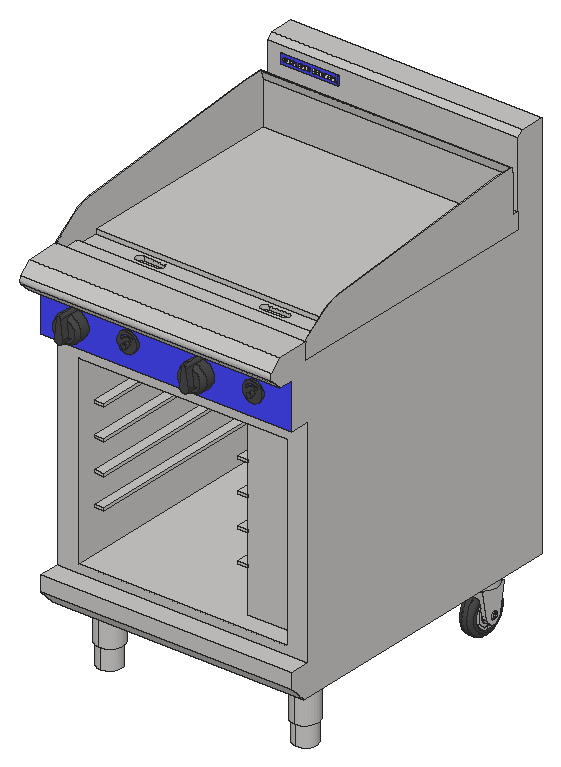
Revit family "QF_MOFFAT_BLUESEAL_CE_G514B-CB", category Specialty Equipment, Revit 2012
Parameters
  Weight in Pounds = 173  # constant formula
  Width [instance] = 600.00 mm  # constant formula
  URL Cutsheet = "www.moffat.com"
  URL = "www.moffat.com"
  Type Mark [instance] = ""
  Status [instance] = ""
  Specification by User [instance] = ""
  Specification by Manufacturer = ""
  Show Logo [instance] = yes
  Show Casters [instance] = yes
  Serial Number = ""
  Seismic Rating = ""
  SMACNA No = ""
  Revision Code [instance] = ""
  Omniclass Number and Title = ""
  NAFEM Spec ID Number = ""
  Model = "G514B-CB"
  Mechanical Remarks = ""
  Mechanical Connection Type = ""
  Masterspec = ""
  Manufacturer = "MOFFAT BLUESEAL"
  Legs [instance] = not(Show Casters)  # no
  Item Number [instance] = ""
  Installed By [instance] = ""
  Identify Quantity as Lot [instance] = yes
  Height = 1085.00 mm  # constant formula
  Gas Size = 3/4"
  Gas RI Height = 0.00 mm
  Gas KW = 11
  Gas Input = 37912.0 Btu/h
  Gas Connection Height = 0.00 mm
  Furnished By [instance] = ""
  Foodservice Equipment Identifier [instance] = yes
  Description = "600MM GAS GRIDDLE PLATE ON CABINET BASE"
  Depth [instance] = 812.00 mm  # constant formula
  CSI MasterFormat = ""
  CSI Master Format = ""
  Back Splash [instance] = 215.00 mm  # constant formula
Reference planes
  plane 1 "BACK": y = 0
  plane 2: z = 0
  plane 3 "LEFT": x = 0
  plane 4 "RIGHT": x = 600
  plane 5 "FRONT": y = -812
  plane 6 "TOP": z = 970
  plane 7 "Center Y": x = 300
  plane 8 "Center X": y = -406
  plane 9 "Base Height": z = 150
  plane 10: z = 915
  plane 11: x = 65
  plane 12: x = 534
  plane 13: y = -625
  plane 14: y = -100
  plane 15: x = 470
  plane 16: z = 655
  plane 17: y = -32
  plane 18: z = 1085
Forms (mm)
  Extrusion 1, solid, material "QF_Finishes_Stainless Steel"
    sketch origin (0, 0, 0) x (0, 1, 0) y (0, 0, 1)
      loop
        line (-100, 150) -> (0, 150) -> (0, 1085) -> (-57.5, 1085) -> (-70, 1072.5) -> (-70, 875) -> (-705, 875) -> (-705, 915) -> (-783.97, 915) -> (-808.485, 890.485)
        arc (-808.485, 890.485) -> (-811.999, 882) -> (-808.485, 873.515) r 12
        line (-808.485, 873.515) -> (-784.97, 850) -> (-749, 850) -> (-749, 740) -> (-100, 740) -> (-100, 150)
      loop
        line (-749, 186) -> (-713, 150) -> (-699, 150) -> (-699, 222.5) -> (-749, 222.5) -> (-749, 186)
    from 0 to 600
  Revolve 2, solid, material "QF_Finishes_Stainless Steel", visible <- "Legs"
    sketch origin (534, -210, 0) x (0, 1, 0) y (0, 0, -1)
      loop
        line (78.25, -150) -> (110, -150) -> (110, 0) -> (82.5, 0) -> (82.5, -50) -> (78.25, -50) -> (78.25, -150)
      axis (110, -150) -> (110, 0)
    angle from 0 to 360
  Revolve 3, solid, material "QF_Finishes_Stainless Steel"
    sketch origin (534, -735, 0) x (0, 1, 0) y (0, 0, -1)
      loop
        line (78.25, -150) -> (110, -150) -> (110, 0) -> (82.5, 0) -> (82.5, -50) -> (78.25, -50) -> (78.25, -150)
      axis (110, -150) -> (110, 0)
    angle from 0 to 360
  Revolve 4, solid, material "QF_Finishes_Stainless Steel", visible <- "Legs"
    sketch origin (65, -210, 0) x (0, 1, 0) y (0, 0, -1)
      loop
        line (78.25, -150) -> (110, -150) -> (110, 0) -> (82.5, 0) -> (82.5, -50) -> (78.25, -50) -> (78.25, -150)
      axis (110, -150) -> (110, 0)
    angle from 0 to 360
  Revolve 5, solid, material "QF_Finishes_Stainless Steel"
    sketch origin (65, -735, 0) x (0, 1, 0) y (0, 0, -1)
      loop
        line (78.25, -150) -> (110, -150) -> (110, 0) -> (82.5, 0) -> (82.5, -50) -> (78.25, -50) -> (78.25, -150)
      axis (110, -150) -> (110, 0)
    angle from 0 to 360
  Revolve 6, solid, material "QF_Finishes_Black"
    sketch origin (89.876, 7, 600.062) x (0, 1, 0) y (0, 0, -1)
      loop
        line (-789, -229.5) -> (-766, -229.5) -> (-766, -202) -> (-756, -202) -> (-756, -197) -> (-800, -197) -> (-800, -223.651) -> (-789, -229.5)
      axis (-800, -197) -> (-756, -197)
    angle from 0 to 360
  Extrusion 7, solid, material "QF_Finishes_Black"
    sketch origin (228.145, 0, 600.219) x (-1, 0, 0) y (0, 0, -1)
      loop
        line (143.2, -228.94) -> (148.689, -184.854)
        arc (148.689, -184.854) -> (137.617, -174.355) -> (127.782, -186.021) r 10.487
        line (127.782, -186.021) -> (133.203, -228.94)
        arc (133.203, -228.94) -> (138.201, -233.827) -> (143.2, -228.94) r 5
    from 759 to 808
  Extrusion 8, solid, material "QF_Finishes_Stainless Steel"
    sketch origin (0, -699, 685) x (1, 0, 0) y (0, -1, 0)
      loop
        circle (470, -667) r 13.5
    from -55 to 30
  Extrusion 9, solid, material "QF_Finishes_Stainless Steel"
    sketch origin (0, -100, 685) x (0, 0, 1) y (-1, 0, 0)
      loop
        line (-535, 0) -> (-535, -600) -> (55, -600) -> (55, 0) -> (-535, 0)
      loop
        line (0, -50) -> (-442.5, -50) -> (-442.5, -550) -> (0, -550) -> (0, -50)
    from 0 to 599
  Extrusion 10, solid, material "QF_Finishes_Stainless Steel"
    sketch origin (0, -100, 685) x (0, 0, 1) y (-1, 0, 0)
      loop
        line (-266.25, -50) -> (-266.25, -75) -> (-259.9, -75) -> (-259.9, -50) -> (-266.25, -50)
      loop
        line (-184.9, -75) -> (-184.9, -50) -> (-191.25, -50) -> (-191.25, -75) -> (-184.9, -75)
      loop
        line (-341.25, -50) -> (-341.25, -75) -> (-334.9, -75) -> (-334.9, -50) -> (-341.25, -50)
      loop
        line (-109.9, -75) -> (-109.9, -50) -> (-116.25, -50) -> (-116.25, -75) -> (-109.9, -75)
      loop
        line (-266.25, -419.5) -> (-259.9, -419.5) -> (-259.9, -394.5) -> (-266.25, -394.5) -> (-266.25, -419.5)
      loop
        line (-184.9, -394.5) -> (-191.25, -394.5) -> (-191.25, -419.5) -> (-184.9, -419.5) -> (-184.9, -394.5)
      loop
        line (-341.25, -419.5) -> (-334.9, -419.5) -> (-334.9, -394.5) -> (-341.25, -394.5) -> (-341.25, -419.5)
      loop
        line (-109.9, -394.5) -> (-116.25, -394.5) -> (-116.25, -419.5) -> (-109.9, -419.5) -> (-109.9, -394.5)
    from 0 to 554
  Extrusion 11, solid, material "QF_Finishes_Stainless Steel"
    sketch origin (0, -100, 685) x (0, 0, 1) y (-1, 0, 0)
      loop
        line (0, -550) -> (0, -419.5) -> (-442.5, -419.5) -> (-442.5, -550) -> (0, -550)
    from 546.898 to 554
  Extrusion 12, void
    sketch origin (0, 0, 150) x (-1, 0, 0) y (0, -1, 0)
      loop
        line (-535.614, 87.26) -> (-535.614, -30.24) -> (-406.114, -30.24) -> (-406.114, 38.76) -> (-454.614, 87.26) -> (-535.614, 87.26)
    from 72.5 to 590
  Revolve 13, solid, material "QF_Finishes_Black"
    sketch origin (390, 7, 600) x (0, 1, 0) y (0, 0, -1)
      loop
        line (-789, -229.5) -> (-766, -229.5) -> (-766, -202) -> (-756, -202) -> (-756, -197) -> (-800, -197) -> (-800, -223.651) -> (-789, -229.5)
      axis (-800, -197) -> (-756, -197)
    angle from 0 to 360
  Extrusion 14, solid, material "QF_Finishes_Black"
    sketch origin (528.27, 0, 600.158) x (-1, 0, 0) y (0, 0, -1)
      loop
        line (143.2, -228.94) -> (148.689, -184.854)
        arc (148.689, -184.854) -> (137.617, -174.355) -> (127.782, -186.021) r 10.487
        line (127.782, -186.021) -> (133.203, -228.94)
        arc (133.203, -228.94) -> (138.201, -233.827) -> (143.2, -228.94) r 5
    from 759 to 808
  Extrusion 15, solid, material "QF_Finishes_Black"
    sketch origin (0, -749, 850) x (0, 0, -1) y (1, 0, 0)
      loop
        circle (53, 210) r 23.9
      loop
        arc (45.641, 218.419) -> (46.501, 223.219) -> (41.701, 224.079) r 3.448
        arc (41.701, 224.079) -> (35.116, 209.341) -> (42.919, 195.209) r 18.095
        arc (42.919, 195.209) -> (47.641, 196.491) -> (46.326, 201.204) r 3.448
        arc (46.326, 201.204) -> (42.758, 209.683) -> (45.641, 218.419) r 13.109
      loop
        circle (53, 510) r 23.9
      loop
        arc (45.641, 518.419) -> (46.501, 523.219) -> (41.701, 524.079) r 3.448
        arc (41.701, 524.079) -> (35.116, 509.341) -> (42.919, 495.209) r 18.095
        arc (42.919, 495.209) -> (47.641, 496.491) -> (46.326, 501.204) r 3.448
        arc (46.326, 501.204) -> (42.758, 509.683) -> (45.641, 518.419) r 13.109
    from 0 to 5
  Revolve 16, solid, material "QF_Finishes_Stainless Steel", visible <- "Legs"
    sketch origin (65, -165, 0) x (0, 1, 0) y (0, 0, 1)
      loop
        line (34.25, 150) -> (34.25, 50) -> (38.5, 50) -> (38.5, 0) -> (66, 0) -> (66, 150) -> (34.25, 150)
      axis (66, 150) -> (66, 0)
    angle from 0 to 360
  Revolve 17, solid, material "QF_Finishes_Stainless Steel", visible <- "Legs"
    sketch origin (535, -165, 0) x (0, 1, 0) y (0, 0, -1)
      loop
        line (34.25, -150) -> (66, -150) -> (66, 0) -> (38.5, 0) -> (38.5, -50) -> (34.25, -50) -> (34.25, -150)
      axis (66, -150) -> (66, 0)
    angle from 0 to 360
  Revolve 18, solid, material "QF_Finishes_Stainless Steel", visible <- "Show Casters"
    sketch origin (15.776, -99.755, -13.653) x (1, 0, 0) y (0, 0, 1)
      loop
        line (14.841, 63.604) -> (83.584, 63.604) -> (83.584, 67.109) -> (82.314, 68.379) -> (80.79, 68.379) -> (80.79, 71.826) -> (68.644, 71.826) -> (68.644, 81.79) -> (65.088, 83.843) -> (63.738, 92.179) -> (65.881, 92.179) -> (65.881, 98.529) -> (65.088, 98.529) -> (65.088, 104.879)
        arc (65.088, 104.879) -> (62.298, 111.614) -> (55.563, 114.404) r 9.525
        line (55.563, 114.404) -> (42.863, 114.404)
        arc (42.863, 114.404) -> (36.127, 111.614) -> (33.338, 104.879) r 9.525
        line (33.338, 104.879) -> (33.338, 98.529) -> (32.544, 98.529) -> (32.544, 92.179) -> (34.687, 92.179) -> (33.352, 83.932) -> (29.782, 81.871) -> (29.782, 71.826) -> (17.635, 71.826) -> (17.635, 68.379) -> (16.111, 68.379) -> (14.841, 67.109) -> (14.841, 63.604)
      axis (14.841, 63.604) -> (83.584, 63.604)
    angle from 0 to 360
  Extrusion 19, solid, material "QF_Finishes_Stainless Steel", visible <- "Show Casters"
    sketch origin (71.501, 133.353, -8.783) x (0, 1, 0) y (0, 0, 1)
      loop
        line (-200.603, 118.783) -> (-264.103, 118.783) -> (-251.746, 53.895)
        arc (-251.746, 53.895) -> (-232.353, 38.783) -> (-212.959, 53.895) r 20
        line (-212.959, 53.895) -> (-200.603, 118.783)
    from -35.667 to 22.923
  Revolve 20, solid, material "QF_Finishes_Stainless Steel", visible <- "Show Casters"
    sketch origin (65, -203, 0) x (0, 1, 0) y (0, 0, 1)
      loop
        line (68.25, 150) -> (68.25, 110) -> (104, 110) -> (104, 150) -> (68.25, 150)
      axis (104, 150) -> (104, 110)
    angle from 0 to 360
  Revolve 21, solid, material "QF_Finishes_Stainless Steel", visible <- "Legs"
    sketch origin (65, -165, 0) x (0, 1, 0) y (0, 0, 1)
      loop
        line (34.25, 150) -> (34.25, 50) -> (38.5, 50) -> (38.5, 0) -> (66, 0) -> (66, 150) -> (34.25, 150)
      axis (66, 150) -> (66, 0)
    angle from 0 to 360
  Revolve 22, solid, material "QF_Finishes_Stainless Steel", visible <- "Show Casters"
    sketch origin (485.776, -99.755, -13.653) x (1, 0, 0) y (0, 0, 1)
      loop
        line (14.841, 63.604) -> (83.584, 63.604) -> (83.584, 67.109) -> (82.314, 68.379) -> (80.79, 68.379) -> (80.79, 71.826) -> (68.644, 71.826) -> (68.644, 81.79) -> (65.088, 83.843) -> (63.738, 92.179) -> (65.881, 92.179) -> (65.881, 98.529) -> (65.088, 98.529) -> (65.088, 104.879)
        arc (65.088, 104.879) -> (62.298, 111.614) -> (55.563, 114.404) r 9.525
        line (55.563, 114.404) -> (42.863, 114.404)
        arc (42.863, 114.404) -> (36.127, 111.614) -> (33.338, 104.879) r 9.525
        line (33.338, 104.879) -> (33.338, 98.529) -> (32.544, 98.529) -> (32.544, 92.179) -> (34.687, 92.179) -> (33.352, 83.932) -> (29.782, 81.871) -> (29.782, 71.826) -> (17.635, 71.826) -> (17.635, 68.379) -> (16.111, 68.379) -> (14.841, 67.109) -> (14.841, 63.604)
      axis (14.841, 63.604) -> (83.584, 63.604)
    angle from 0 to 360
  Extrusion 23, solid, material "QF_Finishes_Stainless Steel", visible <- "Show Casters"
    sketch origin (541.501, 133.353, -8.783) x (0, 1, 0) y (0, 0, 1)
      loop
        line (-200.603, 118.783) -> (-264.103, 118.783) -> (-251.746, 53.895)
        arc (-251.746, 53.895) -> (-232.353, 38.783) -> (-212.959, 53.895) r 20
        line (-212.959, 53.895) -> (-200.603, 118.783)
    from -35.667 to 22.923
  Revolve 24, solid, material "QF_Finishes_Stainless Steel", visible <- "Show Casters"
    sketch origin (535, -203, 0) x (0, 1, 0) y (0, 0, 1)
      loop
        line (68.25, 150) -> (68.25, 110) -> (104, 110) -> (104, 150) -> (68.25, 150)
      axis (104, 150) -> (104, 110)
    angle from 0 to 360
  Extrusion 25, solid, material "QF_Finishes_Black"
    sketch origin (0, -754, 850) x (0, 0, -1) y (1, 0, 0)
      loop
        circle (56.5, 510) r 5.75
      loop
        circle (56.5, 210) r 5.75
    from 0 to 10
Cuts and joins
  Extrusion 12 cuts Extrusion 1
  joined: Extrusion 1, Extrusion 9
Lines and regions (mm)
  Split face 1
    outline origin (600, 0, 1085) x (-1, 0, 0) y (0, -1, 0)
      loop
        arc (335.206, 45.385) -> (326.545, 40.385) -> (326.545, 30.385) r 10
        line (326.545, 30.385) -> (330.587, 23.385)
        arc (330.587, 23.385) -> (334.247, 19.725) -> (339.247, 18.385) r 10
        line (339.247, 18.385) -> (567.206, 18.385)
        arc (567.206, 18.385) -> (575.866, 23.385) -> (575.866, 33.385) r 10
        line (575.866, 33.385) -> (571.824, 40.385)
        arc (571.824, 40.385) -> (568.164, 44.045) -> (563.164, 45.385) r 10
        line (563.164, 45.385) -> (335.206, 45.385)
  Split face 2
    outline origin (600, 0, 1085) x (-1, 0, 0) y (0, -1, 0)
      loop
        arc (35.206, 45.385) -> (26.545, 40.385) -> (26.545, 30.385) r 10
        line (26.545, 30.385) -> (30.587, 23.385)
        arc (30.587, 23.385) -> (34.247, 19.725) -> (39.247, 18.385) r 10
        line (39.247, 18.385) -> (267.206, 18.385)
        arc (267.206, 18.385) -> (275.866, 23.385) -> (275.866, 33.385) r 10
        line (275.866, 33.385) -> (271.824, 40.385)
        arc (271.824, 40.385) -> (268.164, 44.045) -> (263.164, 45.385) r 10
        line (263.164, 45.385) -> (35.206, 45.385)
  symbolic lines
    curve 1: line (0, 0, 0) -> (0, -812, 0)
    curve 2: line (600, 0, 0) -> (0, 0, 0)
    curve 3: line (600, -812, 0) -> (600, 0, 0)
    curve 4: line (0, -812, 0) -> (600, -812, 0)
    curve 13: line (0, -57.5, 150) -> (600, -57.5, 150)
    curve 14: line (0, -70, 150) -> (600, -70, 150)
    curve 15: line (0, -783.97, 150) -> (600, -783.97, 150)
    curve 16: line (32.794, -18.385, 0) -> (260.753, -18.385, 0)
    curve 17: arc (260.753, -18.385, 0) -> (265.753, -19.725, 0) -> (269.413, -23.385, 0) r 10
    curve 18: line (269.413, -23.385, 0) -> (273.455, -30.385, 0)
    curve 19: arc (273.455, -30.385, 0) -> (273.455, -40.385, 0) -> (264.794, -45.385, 0) r 10
    curve 20: line (264.794, -45.385, 0) -> (36.836, -45.385, 0)
    curve 21: arc (36.836, -45.385, 0) -> (31.836, -44.045, 0) -> (28.176, -40.385, 0) r 10
    curve 22: line (28.176, -40.385, 0) -> (24.134, -33.385, 0)
    curve 23: arc (24.134, -33.385, 0) -> (24.134, -23.385, 0) -> (32.794, -18.385, 0) r 10
    curve 24: line (560.753, -18.385, 0) -> (332.794, -18.385, 0)
    curve 25: arc (332.794, -18.385, 0) -> (324.134, -23.385, 0) -> (324.134, -33.385, 0) r 10
    curve 26: line (324.134, -33.385, 0) -> (328.176, -40.385, 0)
    curve 27: arc (328.176, -40.385, 0) -> (331.836, -44.045, 0) -> (336.836, -45.385, 0) r 10
    curve 28: line (336.836, -45.385, 0) -> (564.794, -45.385, 0)
    curve 29: arc (564.794, -45.385, 0) -> (573.455, -40.385, 0) -> (573.455, -30.385, 0) r 10
    curve 30: line (573.455, -30.385, 0) -> (569.413, -23.385, 0)
    curve 31: arc (569.413, -23.385, 0) -> (565.753, -19.725, 0) -> (560.753, -18.385, 0) r 10
  symbolic lines, style "SpecialityEquipmentHiddenLines", visible <- "Show Casters"
    curve 5: line (78.456, -46.735, 0) -> (105.952, -62.61, 0)
    curve 6: line (27.656, -134.723, 0) -> (78.456, -46.735, 0)
    curve 7: line (55.152, -150.598, 0) -> (27.656, -134.723, 0)
    curve 8: line (105.952, -62.61, 0) -> (55.152, -150.598, 0)
    curve 9: line (548.456, -46.735, 0) -> (575.952, -62.61, 0)
    curve 10: line (497.656, -134.723, 0) -> (548.456, -46.735, 0)
    curve 11: line (525.152, -150.598, 0) -> (497.656, -134.723, 0)
    curve 12: line (575.952, -62.61, 0) -> (525.152, -150.598, 0)
Dimensions and locks
  equal spacing: plane 3 "LEFT", plane 7 "Center Y", plane 4 "RIGHT"
  "Width": plane 3 "LEFT" to plane 4 "RIGHT"
  equal spacing: plane 5 "FRONT", plane 8 "Center X", plane 1 "BACK"
  "Depth": plane 5 "FRONT" to plane 1 "BACK"
  locked: plane 10 to level at 915
  locked: plane 9 "Base Height" to level at 150
  plane 6 "TOP" to plane 10 = 55.00 mm
  plane 13 to plane 14 = 525.00 mm
  plane 12 to plane 11 = 469.00 mm
  plane 15 to plane 4 "RIGHT" = 130.00 mm
  plane 16 to level = 655.00 mm
  plane 17 to plane 1 "BACK" = 32.00 mm
  "Height": plane 18 to plane 2
  Revolve 18 sketch curve to Revolve 18 sketch curve = 50.80 mm
  Revolve 22 sketch curve to Revolve 22 sketch curve = 50.80 mm
  Extrusion 8 sketch curve to plane 1 "BACK" = 32.00 mm
  aligned and locked: level to plane 2
Automatic sketch dimensions
  curve 1 to plane 3 "LEFT" = 0.00 mm
  curve 4 to plane 4 "RIGHT" = 0.00 mm
  plane 5 "FRONT" to curve 1 = 0.00 mm
  plane 1 "BACK" to curve 2 = 0.00 mm
  plane 3 "LEFT" to curve 7 = 27.656 mm
  curve 7 to plane 11 = 9.848 mm
  plane 11 to curve 6 = 13.456 mm
  plane 15 to curve 10 = 27.656 mm
  plane 12 to curve 11 = 8.848 mm
  curve 10 to plane 12 = 14.456 mm
  curve 12 to plane 14 = 50.598 mm
  curve 8 to plane 14 = 50.598 mm
  curve 7 to curve 7 = 15.875 mm
  curve 11 to curve 11 = 15.875 mm
  Extrusion 1 sketch curve to plane 10 = 0.00 mm
  Extrusion 1 sketch curve to plane 9 "Base Height" = 0.00 mm  (x2)
  Extrusion 1 sketch curve to plane 14 = 0.00 mm
  Extrusion 1 sketch curve to plane 18 = 0.00 mm
  Extrusion 1 sketch curve to plane 1 "BACK" = 0.00 mm
  Extrusion 1 sketch curve to plane 13 = 74.00 mm
  Extrusion 1 sketch curve to plane 10 = 40.00 mm
  Extrusion 1 sketch curve to plane 13 = 80.00 mm
  Extrusion 1 sketch curve to Extrusion 1 sketch curve = 14.00 mm
  Extrusion 1 sketch curve to Extrusion 1 sketch curve = 36.00 mm
  Extrusion 1 sketch curve to plane 5 "FRONT" = 63.00 mm
  Extrusion 1 sketch curve to plane 5 "FRONT" = 28.03 mm
  Extrusion 1 sketch curve to plane 5 "FRONT" = 27.03 mm
  Extrusion 1 sketch curve to plane 5 "FRONT" = 12.001 mm
  Extrusion 1 sketch curve to plane 5 "FRONT" = 3.515 mm  (x2)
  plane 14 to Extrusion 1 sketch curve = 30.00 mm
  Extrusion 1 sketch curve to Extrusion 1 sketch curve = 12.50 mm
  plane 9 "Base Height" to Extrusion 1 sketch curve = 36.00 mm
  Extrusion 1 sketch curve to Extrusion 1 sketch curve = 36.50 mm
  plane 16 to Extrusion 1 sketch curve = 85.00 mm
  Extrusion 1 sketch curve to Extrusion 1 sketch curve = 25.00 mm
  Extrusion 1 sketch curve to Extrusion 1 sketch curve = 23.515 mm
  Extrusion 1 sketch curve to Extrusion 1 sketch curve = 8.485 mm
  Extrusion 1 sketch curve to plane 18 = 12.50 mm
  Revolve 2 sketch curve to plane 9 "Base Height" = 0.00 mm
  Revolve 2 sketch curve to level = 0.00 mm
  Revolve 2 sketch curve to plane 14 = 0.00 mm  (x2)
  Revolve 2 sketch curve to plane 14 = 27.50 mm
  Revolve 2 sketch curve to plane 14 = 31.75 mm
  level to Revolve 2 sketch curve = 50.00 mm
  Revolve 2 sketch curve to Revolve 2 sketch curve = 0.00 mm
  Revolve 2 sketch curve to Revolve 2 sketch curve = 55.00 mm
  Revolve 3 sketch curve to plane 9 "Base Height" = 0.00 mm
  Revolve 3 sketch curve to level = 0.00 mm
  Revolve 3 sketch curve to plane 13 = 0.00 mm  (x2)
  Revolve 3 sketch curve to plane 13 = 27.50 mm
  Revolve 3 sketch curve to plane 13 = 31.75 mm
  level to Revolve 3 sketch curve = 50.00 mm
  Revolve 3 sketch curve to Revolve 3 sketch curve = 0.00 mm
  Revolve 3 sketch curve to Revolve 3 sketch curve = 55.00 mm
  Revolve 4 sketch curve to plane 9 "Base Height" = 0.00 mm
  Revolve 4 sketch curve to level = 0.00 mm
  Revolve 4 sketch curve to plane 14 = 0.00 mm  (x2)
  Revolve 4 sketch curve to plane 14 = 27.50 mm
  Revolve 4 sketch curve to plane 14 = 31.75 mm
  level to Revolve 4 sketch curve = 50.00 mm
  Revolve 4 sketch curve to Revolve 4 sketch curve = 0.00 mm
  Revolve 4 sketch curve to Revolve 4 sketch curve = 55.00 mm
  Revolve 5 sketch curve to plane 9 "Base Height" = 0.00 mm
  Revolve 5 sketch curve to level = 0.00 mm
  Revolve 5 sketch curve to plane 13 = 0.00 mm  (x2)
  Revolve 5 sketch curve to plane 13 = 27.50 mm
  Revolve 5 sketch curve to plane 13 = 31.75 mm
  level to Revolve 5 sketch curve = 50.00 mm
  Revolve 5 sketch curve to Revolve 5 sketch curve = 0.00 mm
  Revolve 5 sketch curve to Revolve 5 sketch curve = 55.00 mm
  Revolve 6 sketch curve to plane 5 "FRONT" = 19.00 mm
  Revolve 6 sketch curve to Revolve 6 sketch curve = 0.00 mm  (x2)
  Revolve 6 sketch curve to Revolve 6 sketch curve = 11.00 mm
  Revolve 6 sketch curve to Revolve 6 sketch curve = 12.70 mm
  Revolve 6 sketch curve to Revolve 6 sketch curve = 23.00 mm
  Revolve 6 sketch curve to Revolve 6 sketch curve = 10.00 mm
  Revolve 6 sketch curve to plane 10 = 85.438 mm
  Revolve 6 sketch curve to Revolve 6 sketch curve = 5.849 mm
  Revolve 6 sketch curve to Revolve 6 sketch curve = 27.50 mm
  Revolve 6 sketch curve to Revolve 6 sketch curve = 5.00 mm
  plane 11 to Extrusion 7 sketch curve = 35.363 mm
  plane 11 to Extrusion 7 sketch curve = 29.943 mm
  Extrusion 7 sketch curve to Extrusion 7 sketch curve = 4.999 mm  (x2)
  Extrusion 7 sketch curve to Extrusion 7 sketch curve = 10.419 mm
  Extrusion 7 sketch curve to Extrusion 7 sketch curve = 10.487 mm
  Extrusion 7 sketch curve to plane 10 = 85.841 mm
  Extrusion 7 sketch curve to Extrusion 7 sketch curve = 0.113 mm
  Extrusion 7 sketch curve to Extrusion 7 sketch curve = 42.919 mm
  Extrusion 7 sketch curve to Extrusion 7 sketch curve = 1.167 mm
  Extrusion 8 sketch curve to plane 15 = 0.00 mm
  Extrusion 1 to Extrusion 9 sketch curve = 0.00 mm
  Extrusion 9 sketch curve to Extrusion 1 = 0.00 mm  (x3)
  Extrusion 1 to Extrusion 9 sketch curve = 92.50 mm
  Extrusion 1 to Extrusion 9 sketch curve = 55.00 mm
  Extrusion 1 to Extrusion 9 sketch curve = 50.00 mm  (x2)
  Extrusion 1 to Extrusion 10 sketch curve = 50.00 mm  (x2)
  Extrusion 1 to Extrusion 10 sketch curve = 193.75 mm  (x2)
  Extrusion 10 sketch curve to Extrusion 10 sketch curve = 6.35 mm  (x8)
  Extrusion 10 sketch curve to Extrusion 10 sketch curve = 68.65 mm  (x6)
  Extrusion 10 sketch curve to Extrusion 10 sketch curve = 25.00 mm  (x8)
  Extrusion 10 sketch curve to Extrusion 10 sketch curve = 0.00 mm  (x4)
  Extrusion 1 to Extrusion 10 sketch curve = 75.00 mm
  Extrusion 1 to Extrusion 10 sketch curve = 205.50 mm
  Extrusion 1 to Extrusion 11 sketch curve = 92.50 mm
  Extrusion 1 to Extrusion 11 sketch curve = 55.00 mm
  Extrusion 1 to Extrusion 11 sketch curve = 50.00 mm
  Extrusion 11 sketch curve to Extrusion 11 sketch curve = 130.50 mm
  Extrusion 12 sketch curve to plane 12 = 1.614 mm
  Extrusion 12 sketch curve to plane 15 = 15.386 mm
  Extrusion 12 sketch curve to plane 17 = 6.76 mm
  Extrusion 12 sketch curve to plane 15 = 63.886 mm
  Extrusion 12 sketch curve to plane 1 "BACK" = 30.24 mm
  plane 14 to Extrusion 12 sketch curve = 12.74 mm
  Revolve 13 sketch curve to plane 5 "FRONT" = 19.00 mm
  Revolve 13 sketch curve to Revolve 13 sketch curve = 0.00 mm  (x2)
  Revolve 13 sketch curve to Revolve 13 sketch curve = 11.00 mm
  Revolve 13 sketch curve to Revolve 13 sketch curve = 12.70 mm
  Revolve 13 sketch curve to Revolve 13 sketch curve = 23.00 mm
  Revolve 13 sketch curve to Revolve 13 sketch curve = 10.00 mm
  Revolve 13 sketch curve to plane 10 = 85.50 mm
  Revolve 13 sketch curve to Revolve 13 sketch curve = 5.849 mm
  Revolve 13 sketch curve to Revolve 13 sketch curve = 27.50 mm
  Revolve 13 sketch curve to Revolve 13 sketch curve = 5.00 mm
  Extrusion 14 sketch curve to plane 15 = 69.513 mm
  Extrusion 14 sketch curve to Extrusion 14 sketch curve = 5.421 mm
  Extrusion 14 sketch curve to Extrusion 14 sketch curve = 4.999 mm  (x2)
  Extrusion 14 sketch curve to Extrusion 14 sketch curve = 10.419 mm
  Extrusion 14 sketch curve to Extrusion 14 sketch curve = 10.487 mm
  Extrusion 14 sketch curve to plane 10 = 85.902 mm
  Extrusion 14 sketch curve to Extrusion 14 sketch curve = 0.113 mm
  Extrusion 14 sketch curve to Extrusion 14 sketch curve = 42.919 mm
  Extrusion 14 sketch curve to Extrusion 14 sketch curve = 1.167 mm
  Extrusion 1 to Extrusion 15 sketch curve = 41.701 mm  (x2)
  Extrusion 15 sketch curve to Extrusion 15 sketch curve = 1.218 mm  (x2)
  Extrusion 15 sketch curve to Extrusion 15 sketch curve = 1.97 mm  (x4)
  Extrusion 15 sketch curve to Extrusion 15 sketch curve = 1.724 mm  (x2)
  Extrusion 15 sketch curve to Extrusion 15 sketch curve = 1.683 mm  (x2)
  Extrusion 15 sketch curve to Extrusion 15 sketch curve = 6.674 mm  (x2)
  Extrusion 15 sketch curve to Extrusion 15 sketch curve = 0.195 mm  (x2)
  Extrusion 15 sketch curve to Extrusion 15 sketch curve = 2.662 mm  (x2)
  Extrusion 1 to Extrusion 15 sketch curve = 195.209 mm
  Extrusion 15 sketch curve to Extrusion 15 sketch curve = 2.986 mm  (x2)
  Extrusion 15 sketch curve to Extrusion 15 sketch curve = 8.796 mm  (x2)
  Extrusion 15 sketch curve to Extrusion 15 sketch curve = 0.103 mm  (x2)
  Extrusion 15 sketch curve to Extrusion 15 sketch curve = 0.102 mm  (x2)
  Extrusion 1 to Extrusion 15 sketch curve = 104.791 mm
  Revolve 16 sketch curve to plane 9 "Base Height" = 0.00 mm
  Revolve 16 sketch curve to level = 0.00 mm
  Revolve 16 sketch curve to plane 14 = 30.75 mm
  Revolve 16 sketch curve to plane 14 = 26.50 mm
  plane 14 to Revolve 16 sketch curve = 1.00 mm  (x2)
  Revolve 16 sketch curve to Revolve 16 sketch curve = 55.00 mm
  level to Revolve 16 sketch curve = 50.00 mm
  Revolve 16 sketch curve to Revolve 16 sketch curve = 0.00 mm
  Revolve 17 sketch curve to plane 9 "Base Height" = 0.00 mm
  Revolve 17 sketch curve to level = 0.00 mm
  Revolve 17 sketch curve to plane 14 = 30.75 mm
  Revolve 17 sketch curve to plane 14 = 26.50 mm
  plane 14 to Revolve 17 sketch curve = 1.00 mm  (x2)
  level to Revolve 17 sketch curve = 50.00 mm
  Revolve 17 sketch curve to Revolve 17 sketch curve = 0.00 mm
  Revolve 17 sketch curve to Revolve 17 sketch curve = 55.00 mm
  plane 3 "LEFT" to Revolve 18 sketch curve = 30.618 mm
  Revolve 18 sketch curve to Revolve 18 sketch curve = 1.27 mm  (x4)
  Revolve 18 sketch curve to Revolve 18 sketch curve = 1.524 mm  (x2)
  Revolve 18 sketch curve to Revolve 18 sketch curve = 12.146 mm  (x2)
  Revolve 18 sketch curve to plane 11 = 16.68 mm
  Revolve 18 sketch curve to Revolve 18 sketch curve = 0.794 mm  (x2)
  Revolve 18 sketch curve to Revolve 18 sketch curve = 3.57 mm
  Revolve 18 sketch curve to Revolve 18 sketch curve = 2.143 mm
  Revolve 18 sketch curve to plane 11 = 6.361 mm
  plane 11 to Revolve 18 sketch curve = 5.13 mm
  plane 11 to Revolve 18 sketch curve = 6.339 mm
  plane 11 to Revolve 18 sketch curve = 14.515 mm
  Revolve 18 sketch curve to Revolve 18 sketch curve = 1.349 mm  (x2)
  Revolve 18 sketch curve to Revolve 18 sketch curve = 3.556 mm
  Revolve 18 sketch curve to Revolve 18 sketch curve = 33.32 mm
  level to Revolve 18 sketch curve = 49.952 mm
  Revolve 18 sketch curve to Revolve 18 sketch curve = 0.00 mm
  Revolve 18 sketch curve to Revolve 18 sketch curve = 3.505 mm  (x2)
  Revolve 18 sketch curve to Revolve 18 sketch curve = 3.447 mm  (x2)
  Revolve 18 sketch curve to Revolve 18 sketch curve = 9.964 mm
  Revolve 18 sketch curve to Revolve 18 sketch curve = 10.045 mm
  Revolve 18 sketch curve to Revolve 18 sketch curve = 2.053 mm
  Revolve 18 sketch curve to Revolve 18 sketch curve = 2.061 mm
  Revolve 18 sketch curve to Revolve 18 sketch curve = 8.247 mm
  Revolve 18 sketch curve to Revolve 18 sketch curve = 8.336 mm
  Revolve 18 sketch curve to Revolve 18 sketch curve = 6.35 mm  (x2)
  Extrusion 19 sketch curve to plane 14 = 30.75 mm
  Extrusion 19 sketch curve to plane 14 = 18.393 mm
  plane 14 to Extrusion 19 sketch curve = 1.00 mm
  Extrusion 19 sketch curve to Extrusion 19 sketch curve = 19.393 mm
  plane 14 to Extrusion 19 sketch curve = 32.75 mm
  level to Extrusion 19 sketch curve = 45.111 mm
  Extrusion 19 sketch curve to Extrusion 19 sketch curve = 4.889 mm
  Extrusion 19 sketch curve to plane 9 "Base Height" = 40.00 mm
  Revolve 20 sketch curve to plane 9 "Base Height" = 0.00 mm
  Revolve 20 sketch curve to plane 14 = 34.75 mm
  plane 14 to Revolve 20 sketch curve = 1.00 mm  (x2)
  Revolve 20 sketch curve to plane 9 "Base Height" = 40.00 mm
  level to Revolve 20 sketch curve = 50.00 mm
  Revolve 20 sketch curve to level = 55.00 mm
  Revolve 21 sketch curve to plane 9 "Base Height" = 0.00 mm
  Revolve 21 sketch curve to level = 0.00 mm
  Revolve 21 sketch curve to plane 14 = 30.75 mm
  Revolve 21 sketch curve to plane 14 = 26.50 mm
  plane 14 to Revolve 21 sketch curve = 1.00 mm  (x2)
  Revolve 21 sketch curve to Revolve 21 sketch curve = 55.00 mm
  level to Revolve 21 sketch curve = 50.00 mm
  Revolve 21 sketch curve to Revolve 21 sketch curve = 0.00 mm
  plane 15 to Revolve 22 sketch curve = 30.618 mm
  Revolve 22 sketch curve to Revolve 22 sketch curve = 1.27 mm  (x4)
  Revolve 22 sketch curve to Revolve 22 sketch curve = 1.524 mm  (x2)
  Revolve 22 sketch curve to Revolve 22 sketch curve = 12.146 mm  (x2)
  plane 12 to Revolve 22 sketch curve = 15.68 mm
  Revolve 22 sketch curve to Revolve 22 sketch curve = 0.794 mm  (x2)
  Revolve 22 sketch curve to Revolve 22 sketch curve = 3.57 mm
  Revolve 22 sketch curve to Revolve 22 sketch curve = 2.143 mm
  plane 12 to Revolve 22 sketch curve = 5.361 mm
  Revolve 22 sketch curve to plane 12 = 6.13 mm
  Revolve 22 sketch curve to plane 12 = 7.339 mm
  Revolve 22 sketch curve to Revolve 22 sketch curve = 8.176 mm
  Revolve 22 sketch curve to Revolve 22 sketch curve = 1.349 mm  (x2)
  Revolve 22 sketch curve to Revolve 22 sketch curve = 3.556 mm
  Revolve 22 sketch curve to plane 4 "RIGHT" = 2.68 mm
  level to Revolve 22 sketch curve = 49.952 mm
  Revolve 22 sketch curve to Revolve 22 sketch curve = 0.00 mm
  Revolve 22 sketch curve to Revolve 22 sketch curve = 3.505 mm  (x2)
  Revolve 22 sketch curve to Revolve 22 sketch curve = 3.447 mm  (x2)
  Revolve 22 sketch curve to Revolve 22 sketch curve = 9.964 mm
  Revolve 22 sketch curve to Revolve 22 sketch curve = 10.045 mm
  Revolve 22 sketch curve to Revolve 22 sketch curve = 2.053 mm
  Revolve 22 sketch curve to Revolve 22 sketch curve = 2.061 mm
  Revolve 22 sketch curve to Revolve 22 sketch curve = 8.247 mm
  Revolve 22 sketch curve to Revolve 22 sketch curve = 8.336 mm
  Revolve 22 sketch curve to Revolve 22 sketch curve = 6.35 mm  (x2)
  Extrusion 23 sketch curve to plane 14 = 30.75 mm
  Extrusion 23 sketch curve to plane 14 = 18.393 mm
  plane 14 to Extrusion 23 sketch curve = 1.00 mm
  Extrusion 23 sketch curve to Extrusion 23 sketch curve = 19.393 mm
  plane 14 to Extrusion 23 sketch curve = 32.75 mm
  level to Extrusion 23 sketch curve = 45.111 mm
  Extrusion 23 sketch curve to Extrusion 23 sketch curve = 4.889 mm
  Extrusion 23 sketch curve to plane 9 "Base Height" = 40.00 mm
  Revolve 24 sketch curve to plane 9 "Base Height" = 0.00 mm
  Revolve 24 sketch curve to plane 14 = 34.75 mm
  plane 14 to Revolve 24 sketch curve = 1.00 mm  (x2)
  Revolve 24 sketch curve to plane 9 "Base Height" = 40.00 mm
  level to Revolve 24 sketch curve = 50.00 mm
  Revolve 24 sketch curve to level = 55.00 mm
  Split face 1 sketch curve to cut or joined group of Extrusion 1, Extrusion 9, Extrusion 12 = 27.115 mm
  Split face 1 sketch curve to cut or joined group of Extrusion 1, Extrusion 9, Extrusion 12 = 273.455 mm
  Split face 1 sketch curve to cut or joined group of Extrusion 1, Extrusion 9, Extrusion 12 = 23.385 mm
  Split face 1 sketch curve to Split face 1 sketch curve = 4.041 mm  (x4)
  Split face 1 sketch curve to Split face 1 sketch curve = 8.66 mm  (x2)
  Split face 1 sketch curve to cut or joined group of Extrusion 1, Extrusion 9, Extrusion 12 = 22.115 mm
  Split face 1 sketch curve to cut or joined group of Extrusion 1, Extrusion 9, Extrusion 12 = 36.836 mm
  Split face 1 sketch curve to Split face 1 sketch curve = 17.00 mm
  Split face 1 sketch curve to Split face 1 sketch curve = 7.00 mm  (x2)
  Split face 2 sketch curve to cut or joined group of Extrusion 1, Extrusion 9, Extrusion 12 = 26.545 mm
  Split face 2 sketch curve to Split face 2 sketch curve = 4.041 mm  (x4)
  Split face 2 sketch curve to Split face 2 sketch curve = 8.66 mm  (x2)
  Split face 2 sketch curve to cut or joined group of Extrusion 1, Extrusion 9, Extrusion 12 = 22.115 mm
  Split face 2 sketch curve to Split face 2 sketch curve = 223.917 mm
  Split face 2 sketch curve to cut or joined group of Extrusion 1, Extrusion 9, Extrusion 12 = 17.115 mm
  Split face 2 sketch curve to Split face 2 sketch curve = 10.00 mm
  Split face 2 sketch curve to Split face 2 sketch curve = 7.00 mm  (x3)
  curve 22 to plane 17 = 1.385 mm
  plane 3 "LEFT" to curve 22 = 24.134 mm
  curve 22 to curve 21 = 4.041 mm
  plane 17 to curve 23 = 13.615 mm
  curve 23 to curve 23 = 8.66 mm
  curve 21 to curve 21 = 8.66 mm
  curve 16 to plane 7 "Center Y" = 39.247 mm
  curve 17 to curve 19 = 4.041 mm  (x2)
  plane 17 to curve 17 = 8.615 mm
  curve 16 to curve 17 = 8.66 mm
  plane 17 to curve 19 = 1.615 mm
  curve 19 to plane 17 = 13.385 mm
  curve 21 to curve 22 = 7.00 mm
  curve 26 to plane 17 = 1.385 mm
  plane 7 "Center Y" to curve 26 = 24.134 mm
  curve 26 to plane 17 = 8.385 mm
  curve 25 to curve 26 = 4.041 mm
  curve 25 to curve 24 = 8.66 mm
  curve 27 to curve 27 = 8.66 mm
  plane 17 to curve 31 = 13.615 mm
  curve 31 to plane 12 = 26.753 mm
  curve 9 to curve 29 = 16.339 mm
  plane 17 to curve 31 = 8.615 mm
  curve 24 to curve 31 = 8.66 mm
  plane 17 to curve 29 = 1.615 mm
  curve 30 to curve 29 = 4.041 mm
  curve 29 to plane 17 = 13.385 mm
  radius of Extrusion 8 sketch curve = 13.50 mm
  radius of Extrusion 15 sketch curve = 23.90 mm  (x2)
Nested families
  nested 1: "GAS GRIDDLE PLATE 600" at (0, -85.003, 875), type "GAS GRIDDLE PLATE 600"
    with Width 600.00 mm, Type Mark "", Status "", Specification by User "", Revision Code "", Item Number "", Installed By "", Identify Quantity as Lot yes, Furnished By "", Foodservice Equipment Identifier yes, Depth 620.00 mm
  nested 2: "WALDORF LOGO_FACE BASE" at (32, -70, 1056.885) x (1, 0, 0) z (0, -1, 0), visible <- "Show Logo", type "WALDORF LOGO_FACE BASE", detail levels medium+fine
    with Show Logo yes
Connectors
  piping at (470, -32, 655)
    settings: on Extrusion 8, index 1, connector radius 0.37402", flow factor 0, pipe flow 0 GPM, pressure drop 0.00 psi, fitting loss kfactor 0, connector angle 0.00°, fixture units 0, engagement length 0.00 mm, flow configuration 1, flow direction 1, fitting loss method 0, system type 7, joint type 0, gender type 0, connector reference index -1, connector utility 0, adjustable connector no, is connector primary yes, fitting loss table "", connector description "GAS CONNECTION"
Definition of nested family "GAS GRIDDLE PLATE 600"
  Parameters (values of type "GAS GRIDDLE PLATE 600")
    Width [instance] = 600.00 mm
    Weight in Pounds = 0
    URL Cutsheet = ""
    Type Mark [instance] = ""
    Status [instance] = ""
    Specification by User [instance] = ""
    Specification by Manufacturer = ""
    Serial Number = ""
    Seismic Rating = ""
    SMACNA No = ""
    Revision Code [instance] = ""
    Omniclass Number and Title = ""
    NAFEM Spec ID Number = ""
    Masterspec = ""
    Item Number [instance] = ""
    Installed By [instance] = ""
    Identify Quantity as Lot [instance] = yes
    Furnished By [instance] = ""
    Foodservice Equipment Identifier [instance] = yes
    Depth [instance] = 620.00 mm
    CSI MasterFormat = ""
    CSI Master Format = ""
  Reference planes
    plane 1 "BACK": y = 0
    plane 2: z = 0
    plane 3 "LEFT": x = 0
    plane 4 "RIGHT": x = 600
    plane 5 "FRONT": y = -620
    plane 6 "TOP": z = 142.5
    plane 7 "Center Y": x = 300
    plane 8 "Center X": y = -310
    plane 9: y = -530.997
    plane 10: y = -541.497
    plane 11: y = -503.25
    plane 12: y = -557.737
  Forms (mm)
    Extrusion 1, solid, material "QF_Finishes_Stainless Steel"
      sketch origin (0, 70.003, -874.5) x (0, 1, 0) y (0, 0, 1)
        loop
          line (-70, 875) -> (-70, 997.489) -> (-75.228, 1017) -> (-117.24, 1017) -> (-589.533, 971.523)
          arc (-589.533, 971.523) -> (-614.56, 965.803) -> (-637.306, 953.899) r 100
          line (-637.306, 953.899) -> (-690.003, 917) -> (-690.003, 875) -> (-70, 875)
      from 0 to 1.8
    Extrusion 2, solid, material "QF_Finishes_Stainless Steel"
      sketch origin (600, 70.003, -874.5) x (0, -1, 0) y (0, 0, 1)
        loop
          line (70, 875) -> (690.003, 875) -> (690.003, 917) -> (637.306, 953.899)
          arc (637.306, 953.899) -> (614.56, 965.803) -> (589.533, 971.523) r 100
          line (589.533, 971.523) -> (117.24, 1017) -> (75.228, 1017) -> (70, 997.489) -> (70, 875)
      from 0 to 1.2
    Extrusion 3, solid, material "QF_Finishes_Stainless Steel"
      sketch origin (150, 70.003, -874.5) x (0, 1, 0) y (0, 0, 1)
        loop
          line (-70, 894.5) -> (-573.253, 894.5) -> (-573.253, 884) -> (-627.74, 884) -> (-627.74, 894.5) -> (-690.003, 894.5) -> (-690.003, 874.5) -> (-55, 874.5) -> (-55, 914.5) -> (-70, 914.5) -> (-70, 894.5)
      from -150 to 450
    Extrusion 4, void
      sketch origin (150, -541.497, 10) x (0, -1, 0) y (1, 0, 0)
        loop
          arc (-7.497, 25) -> (-17.497, 35) -> (-27.497, 25) r 10
          line (-27.497, 25) -> (-27.497, -25)
          arc (-27.497, -25) -> (-17.497, -35) -> (-7.497, -25) r 10
          line (-7.497, -25) -> (-7.497, 25)
        loop
          arc (-7.497, 325) -> (-17.497, 335) -> (-27.497, 325) r 10
          line (-27.497, 325) -> (-27.497, 275)
          arc (-27.497, 275) -> (-17.497, 265) -> (-7.497, 275) r 10
          line (-7.497, 275) -> (-7.497, 325)
      from -41.4 to 40.142
    Extrusion 5, solid, material "QF_Finishes_Stainless Steel"
      sketch origin (0, 70.003, -874.5) x (0, 1, 0) y (0, 0, 1)
        loop
          line (-70, 875) -> (-70, 997.489) -> (-75.228, 1017) -> (-76.884, 1017) -> (-71.6, 997.278) -> (-71.6, 875) -> (-70, 875)
      from 0 to 598.8
  Cuts and joins
    Extrusion 4 cuts Extrusion 3
    joined: Extrusion 1, Extrusion 2, Extrusion 3, Extrusion 5
  Lines and regions (mm)
    symbolic lines
      curve 1: line (598.8, -503.25, 0) -> (0, -503.25, 0)
      curve 2: line (1.8, -557.737, 0) -> (598.8, -557.737, 0)
      curve 3: line (0, -620, 0) -> (600, -620, 0)
      curve 4: line (175, -534, 0) -> (125, -534, 0)
      curve 5: arc (125, -534, 0) -> (115, -524, 0) -> (125, -514, 0) r 10
      curve 6: line (125, -514, 0) -> (175, -514, 0)
      curve 7: arc (175, -514, 0) -> (185, -524, 0) -> (175, -534, 0) r 10
      curve 8: arc (425, -514, 0) -> (415, -524, 0) -> (425, -534, 0) r 10
      curve 9: line (425, -534, 0) -> (475, -534, 0)
      curve 10: arc (475, -534, 0) -> (485, -524, 0) -> (475, -514, 0) r 10
      curve 11: line (475, -514, 0) -> (425, -514, 0)
      curve 12: line (600, -5.225, 0) -> (0, -5.225, 0)
      curve 13: line (0, -5.225, 0) -> (0, -620, 0)
      curve 14: line (600, -620, 0) -> (600, -5.225, 0)
  Dimensions and locks
    equal spacing: plane 3 "LEFT", plane 7 "Center Y", plane 4 "RIGHT"
    "Width": plane 3 "LEFT" to plane 4 "RIGHT"
    equal spacing: plane 5 "FRONT", plane 8 "Center X", plane 1 "BACK"
    "Depth": plane 5 "FRONT" to plane 1 "BACK"
    locked: Extrusion 2 to Extrusion 2 at 1.2
    Extrusion 4 sketch curve to Extrusion 4 sketch curve to plane 7 "Center Y" = 50.00 mm locked, 125.00 mm locked  (x2)
    aligned and locked: level to plane 2
    aligned and locked: Extrusion 2 to plane 4 "RIGHT"
    aligned and locked: curve 1 to plane 11
    aligned and locked: plane 12 to curve 2
    aligned and locked: Extrusion 5 to cut or joined group of Extrusion 1, Extrusion 2, Extrusion 3, Extrusion 4, Extrusion 5
    aligned and locked: cut or joined group of Extrusion 1, Extrusion 2, Extrusion 3, Extrusion 4, Extrusion 5 to plane 4 "RIGHT"
    aligned and locked: curve 5 to cut or joined group of Extrusion 1, Extrusion 2, Extrusion 3, Extrusion 4, Extrusion 5
    aligned and locked: curve 7 to cut or joined group of Extrusion 1, Extrusion 2, Extrusion 3, Extrusion 4, Extrusion 5
    aligned and locked: cut or joined group of Extrusion 1, Extrusion 2, Extrusion 3, Extrusion 4, Extrusion 5 to plane 3 "LEFT"
  Automatic sketch dimensions
    Extrusion 1 sketch curve to plane 5 "FRONT" = 0.00 mm
    Extrusion 1 sketch curve to plane 6 "TOP" = 0.00 mm
    plane 12 to Extrusion 1 sketch curve = 9.566 mm
    plane 11 to Extrusion 1 sketch curve = 16.28 mm
    Extrusion 1 sketch curve to level = 2.516 mm
    plane 11 to Extrusion 1 sketch curve = 6.695 mm
    plane 1 "BACK" to Extrusion 1 sketch curve = 47.237 mm
    plane 1 "BACK" to Extrusion 1 sketch curve = 5.225 mm
    Extrusion 1 sketch curve to plane 1 "BACK" = 0.003 mm
    level to Extrusion 1 sketch curve = 0.50 mm
    Extrusion 1 sketch curve to Extrusion 1 sketch curve = 42.00 mm
    Extrusion 1 sketch curve to plane 6 "TOP" = 63.101 mm
    Extrusion 1 sketch curve to plane 6 "TOP" = 19.511 mm
    Extrusion 2 sketch curve to plane 6 "TOP" = 0.00 mm
    Extrusion 2 sketch curve to plane 5 "FRONT" = 0.00 mm
    plane 12 to Extrusion 2 sketch curve = 9.566 mm
    plane 11 to Extrusion 2 sketch curve = 16.28 mm
    Extrusion 2 sketch curve to level = 2.516 mm
    plane 11 to Extrusion 2 sketch curve = 6.695 mm
    plane 1 "BACK" to Extrusion 2 sketch curve = 47.237 mm
    plane 1 "BACK" to Extrusion 2 sketch curve = 5.225 mm
    Extrusion 2 sketch curve to plane 1 "BACK" = 0.003 mm
    level to Extrusion 2 sketch curve = 0.50 mm
    Extrusion 2 sketch curve to Extrusion 2 sketch curve = 42.00 mm
    Extrusion 2 sketch curve to plane 6 "TOP" = 63.101 mm
    Extrusion 2 sketch curve to plane 6 "TOP" = 19.511 mm
    plane 1 "BACK" to Extrusion 5 sketch curve = 5.225 mm
    Extrusion 5 sketch curve to plane 1 "BACK" = 0.003 mm
    Extrusion 5 sketch curve to plane 6 "TOP" = 19.511 mm
    Extrusion 5 sketch curve to Extrusion 5 sketch curve = 1.60 mm
    Extrusion 5 sketch curve to Extrusion 5 sketch curve = 0.211 mm
    Extrusion 5 sketch curve to plane 6 "TOP" = 0.00 mm
    Extrusion 5 sketch curve to Extrusion 5 sketch curve = 1.656 mm
    level to Extrusion 5 sketch curve = 0.50 mm
    plane 11 to Extrusion 4 sketch curve = 10.75 mm  (x2)
    Extrusion 4 sketch curve to Extrusion 4 sketch curve = 10.00 mm  (x2)
    plane 5 "FRONT" to curve 3 = 0.00 mm
    curve 9 to plane 12 = 23.737 mm
    plane 7 "Center Y" to curve 9 = 125.00 mm
    curve 9 to curve 9 = 50.00 mm
    curve 9 to curve 10 = 10.00 mm
    plane 3 "LEFT" to curve 2 = 1.80 mm
    plane 3 "LEFT" to curve 12 = 0.00 mm
    plane 4 "RIGHT" to curve 2 = 1.20 mm
    plane 4 "RIGHT" to curve 3 = 0.00 mm
    plane 4 "RIGHT" to curve 1 = 1.20 mm
    plane 1 "BACK" to curve 14 = 5.225 mm
    Extrusion 3 sketch curve to plane 5 "FRONT" = 0.00 mm
    Extrusion 3 sketch curve to plane 12 = 0.00 mm
    Extrusion 3 sketch curve to plane 11 = 0.00 mm
    Extrusion 3 sketch curve to plane 1 "BACK" = 0.003 mm
    level to Extrusion 3 sketch curve = 0.00 mm
    Extrusion 3 sketch curve to Extrusion 3 sketch curve = 15.00 mm
    level to Extrusion 3 sketch curve = 9.50 mm
    Extrusion 3 sketch curve to Extrusion 3 sketch curve = 10.50 mm
    Extrusion 3 sketch curve to Extrusion 3 sketch curve = 20.00 mm  (x2)
Definition of nested family "WALDORF LOGO_FACE BASE"
  Parameters (values of type "WALDORF LOGO_FACE BASE")
    Show Logo [instance] = yes
    Default Elevation = 1219.20 mm
  Reference planes
    plane 1 "Center (Front/Back)": y = 0
    plane 2: z = 0
    plane 3 "Center (Left/Right)": x = 0
  Forms (mm)
    Extrusion 1, solid
      sketch origin (0, 0, 0) x (1, 0, 0) y (0, 1, 0)
        loop
          line (-1219.2, 1219.2) -> (-1219.2, -1219.2) -> (1219.2, -1219.2) -> (1219.2, 1219.2) -> (-1219.2, 1219.2)
      from 0 to -304.8
    Extrusion 2, solid, material "QF_Finishes_Blue", visible <- "Show Logo"
      sketch origin (0, -33.217, 0) x (1, 0, 0) y (0, 1, 0)
        loop
          arc (138, 31.942) -> (137.626, 32.844) -> (136.724, 33.217) r 1.276
          line (136.724, 33.217) -> (1.29, 33.217)
          arc (1.29, 33.217) -> (0.378, 32.839) -> (0, 31.927) r 1.29
          line (0, 31.927) -> (0, 11.507)
          arc (0, 11.507) -> (0.378, 10.595) -> (1.29, 10.217) r 1.29
          line (1.29, 10.217) -> (136.71, 10.217)
          arc (136.71, 10.217) -> (137.622, 10.595) -> (138, 11.507) r 1.29
          line (138, 11.507) -> (138, 31.942)
      from 0 to 1.588
    Extrusion 3, solid, material "QF_Finishes_White", visible <- "Show Logo"
      sketch origin (0, -33.217, 1.588) x (1, 0, 0) y (0, 1, 0)
        loop
          arc (108.946, 25.919) -> (107.613, 25.367) -> (107.061, 24.034) r 1.885
          line (107.061, 24.034) -> (107.061, 17.211) -> (112.704, 17.211) -> (112.704, 19.129) -> (115.546, 19.129) -> (115.546, 17.211) -> (121.584, 17.211) -> (121.584, 24.075)
          arc (121.584, 24.075) -> (121.043, 25.379) -> (119.739, 25.919) r 1.845
          line (119.739, 25.919) -> (108.946, 25.919)
        loop
          line (123.478, 25.919) -> (123.478, 17.163) -> (134.904, 17.163) -> (134.904, 19.129) -> (129.246, 19.129) -> (129.246, 25.919) -> (123.478, 25.919)
        loop
          line (112.704, 21.258) -> (115.546, 21.258) -> (115.546, 22.702)
          arc (115.546, 22.702) -> (115.344, 23.188) -> (114.858, 23.389) r 0.687
          line (114.858, 23.389) -> (113.363, 23.389)
          arc (113.363, 23.389) -> (112.897, 23.196) -> (112.704, 22.73) r 0.658
          line (112.704, 22.73) -> (112.704, 21.258)
        loop
          line (105.071, 25.919) -> (93.771, 25.919) -> (93.771, 17.163) -> (105.071, 17.163) -> (105.071, 19.063) -> (99.535, 19.063) -> (99.535, 20.437) -> (105.071, 20.437) -> (105.071, 22.278) -> (99.535, 22.278) -> (99.535, 23.587) -> (105.071, 23.587) -> (105.071, 25.919)
        loop
          line (91.104, 25.919) -> (79.541, 25.919)
          arc (79.541, 25.919) -> (78.558, 25.513) -> (78.152, 24.53) r 1.389
          line (78.152, 24.53) -> (78.152, 22.08)
          arc (78.152, 22.08) -> (78.558, 21.098) -> (79.541, 20.691) r 1.389
          line (79.541, 20.691) -> (86.346, 20.691) -> (86.346, 18.864) -> (83.266, 18.864) -> (83.266, 19.664) -> (78.152, 19.664) -> (78.152, 18.553)
          arc (78.152, 18.553) -> (78.558, 17.57) -> (79.541, 17.163) r 1.389
          line (79.541, 17.163) -> (91.063, 17.163)
          arc (91.063, 17.163) -> (92.045, 17.57) -> (92.452, 18.553) r 1.389
          line (92.452, 18.553) -> (92.452, 20.691)
          arc (92.452, 20.691) -> (92.045, 21.673) -> (91.063, 22.08) r 1.389
          line (91.063, 22.08) -> (83.266, 22.08) -> (83.266, 23.984) -> (86.346, 23.984) -> (86.346, 22.743) -> (92.452, 22.743) -> (92.452, 24.571)
          arc (92.452, 24.571) -> (92.057, 25.524) -> (91.104, 25.919) r 1.348
        loop
          line (70.705, 25.919) -> (59.405, 25.919) -> (59.405, 17.163) -> (70.705, 17.163) -> (70.705, 19.063) -> (65.169, 19.063) -> (65.169, 20.437) -> (70.705, 20.437) -> (70.705, 22.278) -> (65.169, 22.278) -> (65.169, 23.587) -> (70.705, 23.587) -> (70.705, 25.919)
        loop
          line (57.598, 25.919) -> (51.7, 25.919) -> (51.7, 20.18)
          arc (51.7, 20.18) -> (50.63, 19.11) -> (49.56, 20.18) r 1.07
          line (49.56, 20.18) -> (49.56, 25.919) -> (43.663, 25.919) -> (43.663, 19.049)
          arc (43.663, 19.049) -> (44.215, 17.716) -> (45.548, 17.163) r 1.885
          line (45.548, 17.163) -> (55.71, 17.163)
          arc (55.71, 17.163) -> (57.045, 17.716) -> (57.598, 19.051) r 1.887
          line (57.598, 19.051) -> (57.598, 25.919)
        loop
          line (31.62, 25.919) -> (31.62, 17.163) -> (43.046, 17.163) -> (43.046, 19.129) -> (37.388, 19.129) -> (37.388, 25.919) -> (31.62, 25.919)
        loop
          line (15.969, 25.919) -> (15.969, 17.163) -> (28.693, 17.163)
          arc (28.693, 17.163) -> (29.812, 17.627) -> (30.276, 18.746) r 1.582
          line (30.276, 18.746) -> (30.276, 20.447) -> (29.48, 21.243) -> (30.276, 22.039) -> (30.276, 24.332)
          arc (30.276, 24.332) -> (29.811, 25.454) -> (28.688, 25.919) r 1.587
          line (28.688, 25.919) -> (15.969, 25.919)
        loop
          line (21.449, 24.159) -> (21.449, 22.436) -> (23.862, 22.436)
          arc (23.862, 22.436) -> (24.723, 23.298) -> (23.862, 24.159) r 0.861
          line (23.862, 24.159) -> (21.449, 24.159)
        loop
          line (21.449, 20.244) -> (21.449, 18.522) -> (23.862, 18.522)
          arc (23.862, 18.522) -> (24.723, 19.383) -> (23.862, 20.244) r 0.861
          line (23.862, 20.244) -> (21.449, 20.244)
      from 0 to 0.2
    Extrusion 4, solid, material "QF_Finishes_Blue", visible <- "Show Logo"
      sketch origin (-126.498, -31.09, 1.588) x (1, 0, 0) y (0, 1, 0)
        loop
          line (136.738, 23.522) -> (136.738, 15.1)
          arc (136.738, 15.1) -> (140.756, 19.311) -> (136.738, 23.522) r 4.216
      from 0 to 0.2
    Extrusion 5, solid, material "QF_Finishes_Red", visible <- "Show Logo"
      sketch origin (146.849, -31.09, 1.588) x (-1, 0, 0) y (0, -1, 0)
        loop
          arc (136.738, -23.522) -> (140.756, -19.311) -> (136.738, -15.1) r 4.216
          line (136.738, -15.1) -> (136.738, -23.522)
      from 0 to 0.2
  Lines and regions (mm)
    Split face 1
      outline origin (-90.35, -30.793, 1.588) x (1, 0, 0) y (0, 1, 0)
        loop
          circle (100.54, 19.013) r 4.536
  Dimensions and locks
    aligned and locked: plane 2 to Extrusion 1
    aligned and locked: level to Extrusion 1
